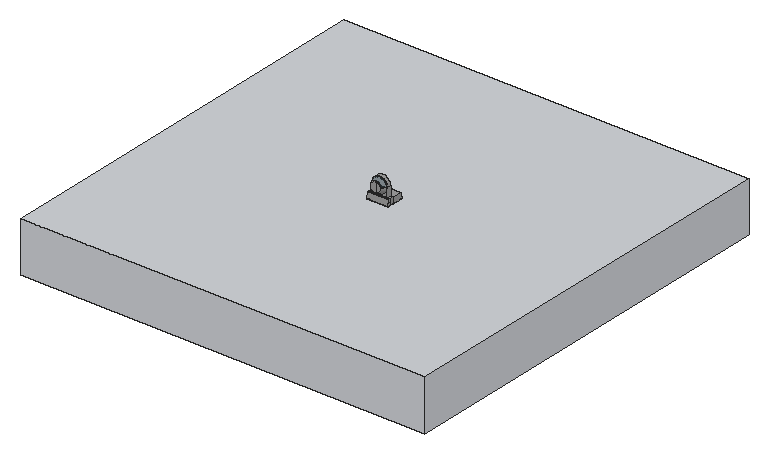
Revit family "2CKA006800A2520", category Elektroinstallationen, Revit 2017
Family settings
  Basisbauteil = Fläche
  Beschriftungsausrichtung beibehalten = Nein
  Bemaßung runder Anschluss = Durchmesser verwenden
  Teiletyp = Normal
  Beim Laden mit Abzugskörper schneiden = Nein
  Gemeinsam genutzt = Nein
  Raumberechnungspunkt = Nein
Parameters
  Zwangsabschaltung = yes
  Werkstoffgüte = "Thermoplast"
  Werkstoff = "Kunststoff"
  Default Elevation = 1219.2 mm
  Unterkriechschutz/Rückfeldüberwachung = yes
  URL = "https://www.busch-jaeger.de/"
  Typname = "Busch-Wächter 220 MasterLINE, alpinweiß, Bewegungs-/Präsenzmelder, Busch-Wächter AP"
  Treppenhausüberwachung = yes
  Temperatur [K] = "[-25:55]"
  Teach-Funktion für Ansprechhelligkeit = yes
  TYPE = "6847/11 AGM-204"
  Schutzart (IP) = "IP55"
  RAL-Nummer (ähnlich) = 9010
  Produktseite = "https://media.live.bim.site/t/eyJhbGciOiJIUzI1NiIsInR5cCI6IkpXVCJ9.eyJjdCI6MiwidHUiOiJodHRwOi8vYnVzY2gtamFlZ2VyLWthdGFsb2cuZGUvNjgwMC0wLTI1MjAsYXJ0aWtlbC5odG1sIiwiY2lkIjoiZmVkOThlOWEtMWJkOC00YzY4LWE3M2ItNzRhOTRlMzE1ODIzIiwicmlkIjoiODllMTFjZDU5MjQyYjQ0MWJlY2ZmNWNjMjYwYzgyNDMiLCJwaWQiOiI5ZTFlYzU4ZDk5MGM0OTUzNjFjZDc5MGJmYzg1ZTgwYzI4ZmFkMmEyIiwic2lkIjoiNjM3MzIiLCJ1dCI6MSwibGMiOiJkZSIsImlhdCI6MTU4MjE5NTM4NywiaXNzIjoiaHR0cHM6Ly9hcGkubGl2ZS5iaW0uc2l0ZSIsInN1YiI6ImY1ODZjNGI2LWE1MDgtNDI3YS05ODE4LTEzMTc5NjY1NzZiYyJ9.WN93sVw2AgRZ0Dni6Fc_TsETzZhYaPMmVG9yczoR9Y4"
  Oberfläche = "unbehandelt"
  Nennspannung [V] [Volt] = 230
  Nebenstelleneingang = no
  Montageart = "Aufputz"
  Min. Einschaltdauer [s] = 10
  Max. Schaltleistung [Voltampere] = 3680
  Max. Reichweite zu einer Seite [m] = 16
  Max. Reichweite frontal [m] = 16
  Max. Einschaltstrom = 80 A
  Max. Einschaltdauer [s] = 1800
  Konstantlichtregelung = no
  Ist Zubehör = no
  Ist System = no
  Hersteller = "Busch-Jaeger"
  HeinzeBIM = "https://www.heinze.de/bim/busch-waechter-220-masterline-alpinweiss-bewegungs-praesenzmelder-busch-waechter-ap/9e1ec58d990c495361cd790bfc85e80c28fad2a2"
  Halogenfrei = yes
  HAN = "2CKA006800A2520"
  Gewicht [kg/m] = 0.343
  Gerätetiefe [mm] = 135
  Gerätehöhe [mm] = 115
  Gerätebreite [mm] = 125
  GTIN = "4011395150511"
  Frequenz [Hz] = "[50:60]"
  Fernbedienbar = yes
  Farbe = "weiß"
  Erfassungswinkel horizontal [°] = "[8:220]"
  Erfassungsfeld Durchmesser auf Fußboden [m] = 32
  Datenblatt = "https://media.live.bim.site/t/eyJhbGciOiJIUzI1NiIsInR5cCI6IkpXVCJ9.eyJjdCI6MSwidGYiOiJwdWJsaWMvYnVzY2gtamFlZ2VyL2VhZjFmM2IvMkNLQTAwNjgwMEEyNTIwX1JPSFNfMjAxOV8xMF8wNy5wZGYiLCJjaWQiOiJmZWQ5OGU5YS0xYmQ4LTRjNjgtYTczYi03NGE5NGUzMTU4MjMiLCJyaWQiOiI4OWUxMWNkNTkyNDJiNDQxYmVjZmY1Y2MyNjBjODI0MyIsInBpZCI6IjllMWVjNThkOTkwYzQ5NTM2MWNkNzkwYmZjODVlODBjMjhmYWQyYTIiLCJzaWQiOiI2MzczMiIsInV0IjoxLCJsYyI6ImRlIiwiaWF0IjoxNTgyMTk1Mzg3LCJpc3MiOiJodHRwczovL2FwaS5saXZlLmJpbS5zaXRlIiwic3ViIjoiZjU4NmM0YjYtYTUwOC00MjdhLTk4MTgtMTMxNzk2NjU3NmJjIn0.7V34Zn1oUvHsRoUkWWecEmLLV5Md-XgFERTQvKkmeaA/2CKA006800A2520_ROHS_2019_10_07.pdf"
  Beschreibung = "Busch-Wächter 220 MasterLINE, alpinweiß, Bewegungs-/Präsenzmelder, Busch-Wächter AP, Busch-Wächter 220 MasterLINE Elektronischer Bewegungsmelder zur Erkennung von Wärmebewegungen. Fernbedienbar über IR Handsender 6841-101. Fernparametrierbar über IR Service-Handsender 6842-101. Mit Erfassungs- und Betriebsartenanzeige. Mit Boden- und Rückfeldüberwachung. Mit Profilinse für beste Erfassung. Erfassungsempfindlichkeit über IR Service-Handsender einstellbar. Überwachungsdichte: 84 Sektoren mit 336 Schaltsegmenten. Mit integrierter Demontageerschwernis. Alle Funktionen mikroprozessorgesteuert. Dauerlicht (4 Std.), Lichtausschaltung (4 Std.) und Anwesenheitssimulation über IR Handsender aktivierbar. Einlesen des aktuellen Helligkeitswertes als Schaltschwelle über IR Handsender. Mit automatischer Reichweitenstabilisierung. Mit automatischer Störunterdrückung. Mit automatischer Blendsicherheit. Mit helligkeitsunabhängigem Testbetrieb zur Auswertung des Erfassungsbereiches. Individuelle Anpassung des Erfassungsbereiches über beiliegende, zuschneidbare Abdeckfolie. Zusätzliche Einschaltmöglichkeit über Öffnertaster. Abschaltverzögerung: 10 s bis 30 min oder Kurzzeitimpuls 1 s einstellbar. Nennspannung: , +10 % / -10 % Nennfrequenz: 50 Hz/60 Hz Ausgänge: 1x Schließer, potenzialgebunden Lastart: ohmisch, kapazitiv und induktiv Nennstrom: 16 AX, bei cos ? 0,6 Nennleistung: 3680 W/VA Erfassungsbereich: frontal: 16 m, seitlich: 16 m Öffnungswinkel: 220 ° Helligkeitsgrenzwert: 0,5 Lux - 300 Lux , Tagbetrieb Montagehöhe: 2,5 m Schutzart Gerät: IP 55 Temperaturbereich Gerät: -25 °C bis 55 °C Maße (H x B x T): 115 mm x 125 mm x 141 mm"
  BIMSITE_PRODUCT_ID = "9e1ec58d990c495361cd790bfc85e80c28fad2a2"
  BIM = "https://media.live.bim.site/t/eyJhbGciOiJIUzI1NiIsInR5cCI6IkpXVCJ9.eyJjdCI6MSwidGYiOiJwdWJsaWMvYnVzY2gtamFlZ2VyL2VhZjFmM2IvMkNLQTAwNjgwMEEyNTIwLnJmYSIsImNpZCI6ImZlZDk4ZTlhLTFiZDgtNGM2OC1hNzNiLTc0YTk0ZTMxNTgyMyIsInJpZCI6Ijg5ZTExY2Q1OTI0MmI0NDFiZWNmZjVjYzI2MGM4MjQzIiwicGlkIjoiOWUxZWM1OGQ5OTBjNDk1MzYxY2Q3OTBiZmM4NWU4MGMyOGZhZDJhMiIsInNpZCI6IjYzNzMyIiwidXQiOjUsImxjIjoiZGUiLCJpYXQiOjE1ODIxOTUzODcsImlzcyI6Imh0dHBzOi8vYXBpLmxpdmUuYmltLnNpdGUiLCJzdWIiOiJmNTg2YzRiNi1hNTA4LTQyN2EtOTgxOC0xMzE3OTY2NTc2YmMifQ.6-ht3UibL2kI65IrsX_DOQEnMr4-dVnzx6CVuuEKXx8/2CKA006800A2520.rfa"
  Ausführung der Oberfläche = "matt"
  Ausführung = "Bewegungsmelder"
  Ansprechhelligkeit einstellbar = yes
  Ansprechhelligkeit [lx] = "[0,5:1000]"
  Ansprechempfindlichkeit einstellbar = yes
Reference planes
  plane 1 "Center (Front/Back)": y = 0
  plane 2: z = 0
  plane 3 "Center (Left/Right)": x = 0
Forms (mm)
  Extrusion 1, solid
    sketch origin (0, 0, 0) x (1, 0, 0) y (0, 1, 0)
      loop
        line (-1219.2, 1219.2) -> (-1219.2, -1219.2) -> (1219.2, -1219.2) -> (1219.2, 1219.2) -> (-1219.2, 1219.2)
    from 0 to -304.8
  Extrusion 2, solid, material "White", detail levels fine
    sketch origin (0, 0, 0) x (0, 1, 0) y (0, 0, 1)
      loop
        line (50, 0) -> (47.059, 35) -> (-10, 35) -> (-10, 0) -> (50, 0)
      loop
        line (-35, 35) -> (-47.059, 35) -> (-50, 0) -> (-35, 0) -> (-35, 35)
      loop
        line (-10.5, 0) -> (-10.5, 35) -> (-34.5, 35) -> (-34.5, 0) -> (-10.5, 0)
    from -62.5 to 62.5
  Extrusion 3, solid, material "White", detail levels medium
    sketch origin (0, 0, 0) x (0, 1, 0) y (0, 0, 1)
      loop
        line (50, 0) -> (47.059, 35) -> (-47.059, 35) -> (-50, 0) -> (50, 0)
    from -62.5 to 62.5
  Extrusion 4, solid, material "White", detail levels coarse
    sketch origin (0, 0, 0) x (1, 0, 0) y (0, 1, 0)
      loop
        line (-62.5, 50) -> (-62.5, -65) -> (62.5, -65) -> (62.5, 50) -> (-62.5, 50)
    from 0 to 135
  Extrusion 5, solid, material "White", detail levels fine
    sketch origin (0, 0, 0) x (1, 0, 0) y (0, 1, 0)
      loop
        line (-62.5, 50) -> (-62.5, -50) -> (62.5, -50) -> (62.5, 50) -> (-62.5, 50)
    from 0 to 1
  Extrusion 6, solid, material "White", detail levels fine
    sketch origin (0, 0, 0) x (1, 0, 0) y (0, 0, 1)
      loop
        arc (45, 90) -> (0, 135) -> (-45, 90) r 45
        line (-45, 90) -> (-45, 35) -> (45, 35) -> (45, 90)
    from 10.5 to 34.5
  Revolve 7, solid, material "White", detail levels fine
    sketch origin (0, 0, 0) x (0, 1, 0) y (0, 0, 1)
      loop
        line (-34.5, 135) -> (-65, 120.778) -> (-65, 90) -> (-34.5, 90) -> (-34.5, 135)
      axis (-65, 90) -> (-34.5, 90)
    angle from 0 to 360
  Extrusion 8, void
    sketch origin (0, 0, 0) x (0, 1, 0) y (0, 0, 1)
      loop
        line (-36.5, 90) -> (-36.5, 153.83) -> (-63, 153.83) -> (-63, 90) -> (-36.5, 90)
    from -50 to 50
  Revolve 9, solid, material "Glass", detail levels fine
    sketch origin (0, 0, 0) x (0, 1, 0) y (0, 0, 1)
      loop
        line (-36.5, 134.067) -> (-63, 121.71) -> (-63, 90) -> (-36.5, 90) -> (-36.5, 134.067)
      axis (-63, 90) -> (-36.5, 90)
    angle from 90 to -90
  Extrusion 10, solid, material "White", detail levels medium
    sketch origin (0, 0, 0) x (1, 0, 0) y (0, 0, 1)
      loop
        line (-45, 135) -> (-45, 35) -> (45, 35) -> (45, 135) -> (-45, 135)
    from 10.5 to 34.5
  Extrusion 11, solid, material "White", detail levels medium
    sketch origin (0, 0, 0) x (1, 0, 0) y (0, 0, 1)
      loop
        circle (0, 90) r 45
    from 34.5 to 65
Cuts and joins
  Extrusion 8 cuts Revolve 7
Lines and regions (mm)
  reference lines
    curve 1: line (0, 50, 0) -> (0, -65, 0)
Dimensions and locks
  aligned and locked: plane 2 to Extrusion 1
  aligned and locked: level to Extrusion 1
Connectors
  electrical at (0, -7.5, 0)
    settings: on Extrusion 4, index 1, voltage 230 V, apparent load 0 VA, apparent load phase1 0 VA, apparent load phase2 0 VA, apparent load phase3 0 VA, power factor 1, load classification "Other", number of poles 1, system type 31, power factor state 1, is connector primary yes, connector utility no, sub classification motor no, connector description ""
